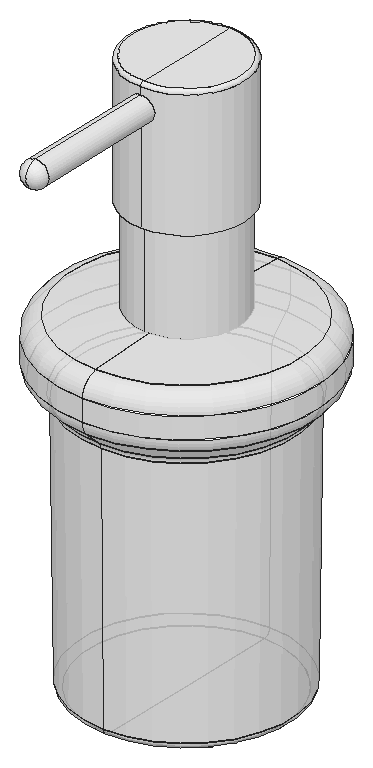
Revit family "Soap_Dispenser-Grohe-Essentials-40394001xxx", category Specialty Equipment, Revit 2014
Parameters (values of type "40394001")
  Width = 2 15/16"
  URL = "https://www.grohe.ca/en_ca/"
  Product Page URL = "https://www.grohe.us/en_us/essentials-soap-dispenser-40394001.html"
  Price = "Prices may vary. Please consult Manufacturer Representative for most up-to-date price list."  # constant formula
  Model = "40394001"
  Material = "Metal-Grohe-001-Chrome"
  Manufacturer = "Grohe"
  Length = 3 5/8"
  Height = 6 3/16"
  Finish = Metal-Grohe-001-Chrome
  Description = "Essentials Soap Dispenser"
  Default Elevation = 0"
  Creation Date = "07/31/2017"
  Assembly Code = "C1030200"
Reference planes (in)
  plane 1 "Center (Front/Back)": y = 0
  plane 2: z = 0
  plane 3 "Center (Left/Right)": x = 0
  plane 4: y = -2.19794
  plane 5: y = 1.42706
  plane 6: z = 2.46063
  plane 7: z = -3.72687
Forms (in)
  Revolve 1, solid, material "Glass-Grohe-Opaque"
    sketch origin (0, 0, 0) x (0, 1, 0) y (0, 0, 1)
      loop
        line (-0.44087, -0.04346) -> (-1.24071, -0.08538)
        arc (-1.24071, -0.08538) -> (-1.37313, -0.14642) -> (-1.42717, -0.28186) r 0.19675
        line (-1.42717, -0.28186) -> (-1.42717, -0.51861)
        arc (-1.42717, -0.51861) -> (-1.41183, -0.59458) -> (-1.36822, -0.65865) r 0.19581
        line (-1.36822, -0.65865) -> (-1.19514, -0.8278)
        arc (-1.19514, -0.8278) -> (-1.17573, -0.85614) -> (-1.16865, -0.88975) r 0.08803
        line (-1.16865, -0.88975) -> (-1.13699, -3.65111)
        arc (-1.13699, -3.65111) -> (-1.11424, -3.70473) -> (-1.06036, -3.72687) r 0.07664
        line (-1.06036, -3.72687) -> (0, -3.72687) -> (0, 0.04005) -> (-0.41953, 0.04005) -> (-0.41953, -0.02098)
        arc (-0.41953, -0.02098) -> (-0.42572, -0.03647) -> (-0.44087, -0.04346) r 0.02252
      axis (0, 0.04005) -> (0, -3.72687)
    angle from 0 to 360
  Revolve 2, solid, material "Metal-Grohe-001-Chrome"
    sketch origin (0, 0, 0) x (0, 1, 0) y (0, 0, 1)
      loop
        line (-0.57087, 1.04331) -> (-0.57087, 0) -> (0, 0) -> (0, 2.46063) -> (-0.59121, 2.46063)
        arc (-0.59121, 2.46063) -> (-0.61858, 2.44929) -> (-0.62992, 2.42192) r 0.03871
        line (-0.62992, 2.42192) -> (-0.62992, 1.04331) -> (-0.57087, 1.04331)
      axis (0, 2.46063) -> (0, 0)
    angle from 0 to 360
  Revolve 3, solid, material "Metal-Grohe-001-Chrome"
    sketch origin (0, 0, 0) x (0, 1, 0) y (0, 0, 1)
      loop
        line (0, 2.06693) -> (0, 2.20472) -> (-2.19794, 2.20472)
        arc (-2.19794, 2.20472) -> (-2.15758, 2.10729) -> (-2.06014, 2.06693) r 0.1378
        line (-2.06014, 2.06693) -> (0, 2.06693)
      axis (-2.19794, 2.20472) -> (0, 2.20472)
    angle from 0 to 360
Cuts and joins
  joined: Revolve 2, Revolve 3
Lines and regions (in)
  Masking region 1
    outline origin (0, 0, 0) x (1, 0, 0) y (0, 1, 0)
      loop
        line (-0.13956, -1.42022) -> (-0.13956, -2.05838)
        arc (-0.13956, -2.05838) -> (0, -2.19794) -> (0.13956, -2.05838) r 0.13956
        line (0.13956, -2.05838) -> (0.13956, -1.42022)
        arc (0.13956, -1.42022) -> (0, 1.42706) -> (-0.13956, -1.42022) r 1.42706
  symbolic lines, detail levels medium+fine
    curve 1: circle (0, 0, 0) r 0.62992 normal (0, 0, 1)
    curve 2: line (-0.13956, -1.42022, 0) -> (-0.13956, -0.61427, 0)
    curve 3: line (0.13956, -1.42022, 0) -> (0.13956, -0.61427, 0)
Dimensions and locks (in)
  plane 7 to plane 6 = 6 3/16"
  plane 5 to plane 4 = 3 5/8"
